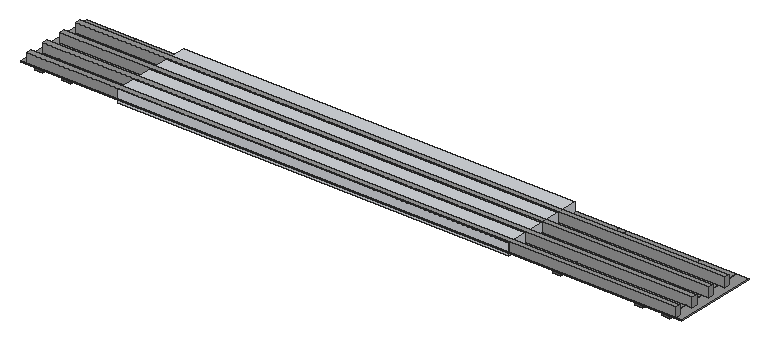
Revit family "1112-4, Solid", category Generic Models, host Face, Revit 2020
Family settings
  Host = Face
  Can host rebar = No
  Round Connector Dimension = Use Diameter
  Part Type = Normal
  Cut with Voids When Loaded = No
  Shared = No
  Room Calculation Point = No
Parameters
  min_value [instance] = 1' - 11 1/4"  # constant formula
  max_value [instance] = 11' - 11 1/4"  # constant formula
  actual_value [instance] = if(NET LENGTH < min_value, min_value, if(NET LENGTH > max_value, max_value, NET LENGTH))  # 7' - 11 1/4"
  SCRIM MATERIAL [instance] = SCRIM
  SCRIM [instance] = yes
  NET LENGTH [instance] = 7' - 11 1/4"
  Default Elevation = 4' - 0"
  BACKER MATERIAL [instance] = BLACK-BACKERS
  .. MEMBER WIDTH [instance] = 0' - 0 3/4"  # constant formula
  .. MEMBER MATERIAL [instance] = Solid Western Hemlock
  .. MEMBER LENGTH [instance] = actual_value  # 7' - 11 1/4"
  .. MEMBER DEPTH [instance] = 0' - 1 3/8"  # constant formula
  .. MEMBER COUNT [instance] = 4  # constant formula
  IMPORTANT NOTE!!!                                                                             *Backer layout is for visualization purposes only, final layout to be determined by 9Wood. [instance] = ""
Reference planes (in)
  plane 1 "Center (Front/Back)": y = 0
  plane 2: z = 1.82209
  plane 3 "Center (Left/Right)": x = 0
Forms (in)
  Extrusion 1, solid
    sketch origin (132, -33.80483, 0) x (1, 0, 0) y (0, 1, 0)
      loop
        line (-118.625, 33.80483) -> (-61.26146, 33.80483) -> (-61.26146, 45.86733) -> (-118.625, 45.86733) -> (-118.625, 33.80483)
    from 1.82209 to 0
Dimensions and locks (in)
  aligned and locked: Extrusion 1 to plane 2
  aligned and locked: plane 3 "Center (Left/Right)" to nested 1
Nested families (in)
  nested 1: "1100 SERIES CONFIG" at (0, 2, 0), .. MEMBER DEPTH <- ".. MEMBER DEPTH", .. MEMBER LENGTH <- ".. MEMBER LENGTH", .. MEMBER WIDTH <- ".. MEMBER WIDTH", .. MEMBER MATERIAL <- ".. MEMBER MATERIAL", BACKING M MATERIAL <- "BACKER MATERIAL", SCRIM  MATERIAL <- "SCRIM MATERIAL", .. MEMBER COUNT <- ".. MEMBER COUNT", SCRIM <- "SCRIM", type "1100 SERIES CONFIG"
    with X 7' - 8", SCRIM OVERHANG 2 0' - 0 3/32", SCRIM OVERHANG 0' - 0 7/8", SCRIM LENGTH 8' - 1", SCRIM  MATERIAL SCRIM, SCRIM yes, NOMINAL LENGTH 7, N 8, Inset 6' - 0 3/8", INSET 0' - 1", INDEX 0' - 5 5/8", HALF MEMBER WIDTH 0' - 0 3/8", HALF LENGTH 3' - 11 5/8", END BACKER yes, BACKING M WIDTH 0' - 1 1/4", BACKING M OC SPACING 1' - 0", BACKING M MATERIAL BLACK-BACKERS, BACKING M LENGTH 0' - 11 7/8", BACKING M DEPTH 0' - 0 1/2", BACKING M COUNT 8, 3/16" INSET 0' - 0 3/16", .. MEMBER WIDTH 0' - 0 3/4", .. MEMBER OC SPACING 0' - 3", .. MEMBER MATERIAL Solid Western Hemlock, .. MEMBER LENGTH 7' - 11 1/4", .. MEMBER DEPTH 0' - 1 3/8", .. MEMBER COUNT 4
Definition of nested family "1100 SERIES CONFIG"
  Parameters (values of type "1100 SERIES CONFIG")
    X [instance] = .. MEMBER LENGTH - 0' 3 1/4"  # 5' - 5"
    SCRIM OVERHANG 2 [instance] = 0' - 0 3/32"  # constant formula
    SCRIM OVERHANG [instance] = 0' - 0 7/8"  # constant formula
    SCRIM LENGTH [instance] = .. MEMBER LENGTH + (SCRIM OVERHANG * 2)  # 5' - 10"
    SCRIM  MATERIAL [instance] = none
    SCRIM [instance] = yes
    NOMINAL LENGTH [instance] = 7
    N [instance] = if((X - (rounddown(X / 1' 0") * 1' 0")) > 1' 0", rounddown(X / 1' 0") + 2, rounddown(X / 1' 0") + 1)  # 6
    Inset [instance] = 6' - 0 3/8"  # constant formula
    INSET [instance] = 0' - 1"  # constant formula
    END BACKER [instance] = INDEX > 0' 3 5/8"  # yes
    INDEX [instance] = (.. MEMBER LENGTH - ((N - 1) * 1' 0")) / 2  # 0' - 4 1/8"
    HALF MEMBER WIDTH [instance] = .. MEMBER WIDTH / 2  # 0' - 0 5/16"
    HALF LENGTH [instance] = .. MEMBER LENGTH / 2  # 2' - 10 1/8"
    Default Elevation = 0' - 0"
    BACKING M WIDTH [instance] = 0' - 1 1/4"
    BACKING M SPACING = 3' - 3"
    BACKING M MATERIAL [instance] = none
    BACKING M LENGTH [instance] = 0' - 11 7/8"
    BACKING M DEPTH [instance] = 0' - 0 1/2"
    BACKING M COUNT [instance] = N  # 6
    BACKING M OC SPACING [instance] = 1' - 0"  # constant formula
    3/16" INSET [instance] = 0' - 0 3/16"  # constant formula
    .. MEMBER WIDTH [instance] = 0' - 0 5/8"
    .. MEMBER OC SPACING [instance] = 1' 0" / .. MEMBER COUNT  # 0' - 4"
    .. MEMBER MATERIAL [instance] = none
    .. MEMBER LENGTH [instance] = 5' - 8 1/4"
    .. MEMBER DEPTH [instance] = 0' - 1 3/8"
    .. MEMBER COUNT [instance] = 3
  Reference planes (in)
    plane 1 "Center (Front/Back)": y = -2
    plane 2: z = 0
    plane 3 "Center (Left/Right)": x = 0
    plane 4: x = 1
    plane 5: x = 4.125
    plane 6: x = 34.125
    plane 7: x = 68.25
    plane 8: x = 67.25
    plane 9: x = 16.125
    plane 10: y = -1.8125
    plane 11: y = -1.6875
    plane 12: y = 2.3125
    plane 13: x = 69.125
    plane 14: x = -0.875
    plane 15: z = 0.5
    plane 16: z = 0.5625
    plane 17: y = 10.0625
    plane 18: y = 10.15625
    plane 19: y = -2.09375
  Dimensions and locks (in)
    "INSET": plane 3 "Center (Left/Right)" to plane 4
    "INDEX": plane 3 "Center (Left/Right)" to plane 5
    "HALF LENGTH": plane 3 "Center (Left/Right)" to plane 6
    ".. MEMBER LENGTH": plane 3 "Center (Left/Right)" to plane 7
    "INSET": plane 8 to plane 7
    equal spacing: group 2, group 3, group 6, group 7, group 8, group 9  (x3)
    "3/16" INSET": plane 1 "Center (Front/Back)" to plane 10
    ".. MEMBER OC SPACING": plane 12 to plane 11
    "SCRIM OVERHANG": plane 14 to plane 3 "Center (Left/Right)"
    "SCRIM OVERHANG": plane 7 to plane 13
    equal spacing: group 1, group 4, group 5  (x2)
    equal spacing: group 5, group 4, group 1
    "HALF MEMBER WIDTH": plane 1 "Center (Front/Back)" to plane 11
    "BACKING M OC SPACING": plane 5 to plane 9
    "SCRIM OVERHANG 2": plane 18 to plane 17
    "SCRIM OVERHANG 2": plane 19 to plane 1 "Center (Front/Back)"
    aligned and locked: level to plane 2
    aligned and locked: plane 6 to nested 1
    aligned and locked: nested 2 to plane 4
    aligned and locked: plane 5 to nested 3
    aligned and locked: plane 1 "Center (Front/Back)" to nested 1
    aligned and locked: nested 2 to plane 10
    aligned and locked: nested 3 to plane 10
    aligned and locked: nested 5 to plane 10
    aligned and locked: nested 4 to plane 10
    aligned and locked: nested 6 to plane 14
    aligned and locked: plane 12 to nested 7
    aligned and locked: nested 7 to plane 3 "Center (Left/Right)"
    aligned and locked: plane 9 to nested 5
    aligned and locked: plane 8 to nested 4
    aligned and locked: plane 15 to nested 2
    aligned and locked: nested 6 to plane 15
    aligned and locked: nested 1 to plane 16
    aligned and locked: nested 7 to plane 16
    aligned and locked: nested 6 to plane 19
  Nested families (in)
    nested 1: "INSTANCE - Parametric Cube" at (34.125, -1.6875, 1.9375), Length <- ".. MEMBER WIDTH", Height <- ".. MEMBER DEPTH", Width <- ".. MEMBER LENGTH", Material <- ".. MEMBER MATERIAL", type "INSTANCE - Parametric Cube"
      with Width 5' - 8 1/4", Material none, Length 0' - 0 5/8", Height 0' - 1 3/8"
    nested 2: "2ND INSTANCE - Parametric Cube" at (1.625, 4.125, 0), Height <- "BACKING M DEPTH", Length <- "BACKING M LENGTH", Width <- "BACKING M WIDTH", Material <- "BACKING M MATERIAL", visible <- "END BACKER", type "2ND INSTANCE - Parametric Cube"
      with Width 0' - 1 1/4", Material none, Length 0' - 11 7/8", Height 0' - 0 1/2"
    nested 3: "2ND INSTANCE - Parametric Cube" at (4.125, 4.125, 0), Length <- "BACKING M LENGTH", Height <- "BACKING M DEPTH", Width <- "BACKING M WIDTH", Material <- "BACKING M MATERIAL", type "2ND INSTANCE - Parametric Cube"
      with Width 0' - 1 1/4", Material none, Length 0' - 11 7/8", Height 0' - 0 1/2"
    nested 4: "2ND INSTANCE - Parametric Cube" at (66.625, 4.125, 0), Width <- "BACKING M WIDTH", Length <- "BACKING M LENGTH", Height <- "BACKING M DEPTH", Material <- "BACKING M MATERIAL", visible <- "END BACKER", type "2ND INSTANCE - Parametric Cube"
      with Width 0' - 1 1/4", Material none, Length 0' - 11 7/8", Height 0' - 0 1/2"
    nested 5: "2ND INSTANCE - Parametric Cube" at (16.125, 4.125, 0), Length <- "BACKING M LENGTH", Height <- "BACKING M DEPTH", Width <- "BACKING M WIDTH", Material <- "BACKING M MATERIAL", type "2ND INSTANCE - Parametric Cube"
      with Width 0' - 1 1/4", Material none, Length 0' - 11 7/8", Height 0' - 0 1/2"
    nested 6: "3RD INSTANCE - Parametric Cube" at (34.125, 4.0445, 0.5), Width <- "SCRIM LENGTH", Material <- "SCRIM  MATERIAL", visible <- "SCRIM", type "3RD INSTANCE - Parametric Cube"
      with Width 5' - 10", Material none, Length 1' - 0.27649", Height 0' - 0 1/16"
    nested 7: "INSTANCE - Parametric Cube" at (34.125, 2.3125, 1.9375), Length <- ".. MEMBER WIDTH", Height <- ".. MEMBER DEPTH", Width <- ".. MEMBER LENGTH", Material <- ".. MEMBER MATERIAL", type "INSTANCE - Parametric Cube"
      with Width 5' - 8 1/4", Material none, Length 0' - 0 5/8", Height 0' - 1 3/8"
    nested 8: "INSTANCE - Parametric Cube" at (34.125, 6.3125, 1.9375), Length <- ".. MEMBER WIDTH", Height <- ".. MEMBER DEPTH", Width <- ".. MEMBER LENGTH", Material <- ".. MEMBER MATERIAL", type "INSTANCE - Parametric Cube"
      with Width 5' - 8 1/4", Material none, Length 0' - 0 5/8", Height 0' - 1 3/8"
    nested 9: "2ND INSTANCE - Parametric Cube" at (28.125, 4.125, 0), Length <- "BACKING M LENGTH", Height <- "BACKING M DEPTH", Width <- "BACKING M WIDTH", Material <- "BACKING M MATERIAL", type "2ND INSTANCE - Parametric Cube"
      with Width 0' - 1 1/4", Material none, Length 0' - 11 7/8", Height 0' - 0 1/2"
    nested 10: "2ND INSTANCE - Parametric Cube" at (40.125, 4.125, 0), Length <- "BACKING M LENGTH", Height <- "BACKING M DEPTH", Width <- "BACKING M WIDTH", Material <- "BACKING M MATERIAL", type "2ND INSTANCE - Parametric Cube"
      with Width 0' - 1 1/4", Material none, Length 0' - 11 7/8", Height 0' - 0 1/2"
    nested 11: "2ND INSTANCE - Parametric Cube" at (52.125, 4.125, 0), Length <- "BACKING M LENGTH", Height <- "BACKING M DEPTH", Width <- "BACKING M WIDTH", Material <- "BACKING M MATERIAL", type "2ND INSTANCE - Parametric Cube"
      with Width 0' - 1 1/4", Material none, Length 0' - 11 7/8", Height 0' - 0 1/2"
    nested 12: "2ND INSTANCE - Parametric Cube" at (64.125, 4.125, 0), Length <- "BACKING M LENGTH", Height <- "BACKING M DEPTH", Width <- "BACKING M WIDTH", Material <- "BACKING M MATERIAL", type "2ND INSTANCE - Parametric Cube"
      with Width 0' - 1 1/4", Material none, Length 0' - 11 7/8", Height 0' - 0 1/2"
  Definition of nested family "INSTANCE - Parametric Cube"
    Parameters (values of type "INSTANCE - Parametric Cube")
      Width [instance] = 0' - 6"
      Material [instance] = none
      Length [instance] = 1' - 0"
      Height [instance] = 1' - 6"
      Default Elevation = 0' - 0"
    Reference planes (in)
      plane 1 "Center (Front/Back)": y = 0
      plane 2: z = 0
      plane 3 "Center (Left/Right)": x = 0
      plane 4: x = -3
      plane 5: x = 3
      plane 6: y = 6
      plane 7: y = -6
      plane 8: z = -18
    Forms (in)
      Extrusion 1, solid, material <- "Material"
        sketch origin (0, 0, 0) x (1, 0, 0) y (0, 1, 0)
          loop
            line (-3, 6) -> (-3, -6) -> (3, -6) -> (3, 6) -> (-3, 6)
        from -18 to 0
    Dimensions and locks (in)
      equal spacing: plane 4, plane 3 "Center (Left/Right)", plane 5
      equal spacing: plane 6, plane 1 "Center (Front/Back)", plane 7
      "Length": plane 6 to plane 7
      "Width": plane 4 to plane 5
      "Height": plane 8 to level
      aligned and locked: plane 2 to level
      aligned and locked: Extrusion 1 sketch curve to plane 6
      aligned and locked: plane 4 to Extrusion 1 sketch curve
      aligned and locked: plane 7 to Extrusion 1 sketch curve
      aligned and locked: Extrusion 1 sketch curve to plane 5
      aligned and locked: Extrusion 1 to plane 8
  Definition of nested family "2ND INSTANCE - Parametric Cube"
    Parameters (values of type "2ND INSTANCE - Parametric Cube")
      Width [instance] = 0' - 6"
      Material [instance] = none
      Length [instance] = 1' - 0"
      Height [instance] = 1' - 6"
      Default Elevation = 0' - 0"
    Reference planes (in)
      plane 1 "Center (Front/Back)": y = 0
      plane 2: z = 0
      plane 3 "Center (Left/Right)": x = 0
      plane 4: x = -3
      plane 5: x = 3
      plane 6: y = 6
      plane 7: y = -6
      plane 8: z = 18
    Forms (in)
      Extrusion 1, solid, material <- "Material"
        sketch origin (0, 0, 0) x (1, 0, 0) y (0, 1, 0)
          loop
            line (-3, 6) -> (-3, -6) -> (3, -6) -> (3, 6) -> (-3, 6)
        from 0 to 18
    Dimensions and locks (in)
      equal spacing: plane 4, plane 3 "Center (Left/Right)", plane 5
      equal spacing: plane 6, plane 1 "Center (Front/Back)", plane 7
      "Length": plane 6 to plane 7
      "Width": plane 4 to plane 5
      "Height": level to plane 8
      aligned and locked: plane 2 to level
      aligned and locked: Extrusion 1 sketch curve to plane 6
      aligned and locked: plane 4 to Extrusion 1 sketch curve
      aligned and locked: plane 7 to Extrusion 1 sketch curve
      aligned and locked: Extrusion 1 sketch curve to plane 5
      aligned and locked: plane 8 to Extrusion 1
      aligned and locked: Extrusion 1 to level
  Definition of nested family "3RD INSTANCE - Parametric Cube"
    Parameters (values of type "3RD INSTANCE - Parametric Cube")
      Width [instance] = 0' - 6"
      Material [instance] = none
      Length [instance] = 1' - 0"
      Height [instance] = 1' - 6"
      Default Elevation = 0' - 0"
    Reference planes (in)
      plane 1 "Center (Front/Back)": y = 0
      plane 2: z = 0
      plane 3 "Center (Left/Right)": x = 0
      plane 4: x = -3
      plane 5: x = 3
      plane 6: y = 6
      plane 7: y = -6
      plane 8: z = 18
    Forms (in)
      Extrusion 1, solid, material <- "Material"
        sketch origin (0, 0, 0) x (1, 0, 0) y (0, 1, 0)
          loop
            line (-3, 6) -> (-3, -6) -> (3, -6) -> (3, 6) -> (-3, 6)
        from 0 to 18
    Dimensions and locks (in)
      equal spacing: plane 4, plane 3 "Center (Left/Right)", plane 5
      equal spacing: plane 6, plane 1 "Center (Front/Back)", plane 7
      "Length": plane 6 to plane 7
      "Width": plane 4 to plane 5
      "Height": level to plane 8
      aligned and locked: plane 2 to level
      aligned and locked: Extrusion 1 sketch curve to plane 6
      aligned and locked: plane 4 to Extrusion 1 sketch curve
      aligned and locked: plane 7 to Extrusion 1 sketch curve
      aligned and locked: Extrusion 1 sketch curve to plane 5
      aligned and locked: plane 8 to Extrusion 1
      aligned and locked: Extrusion 1 to level
